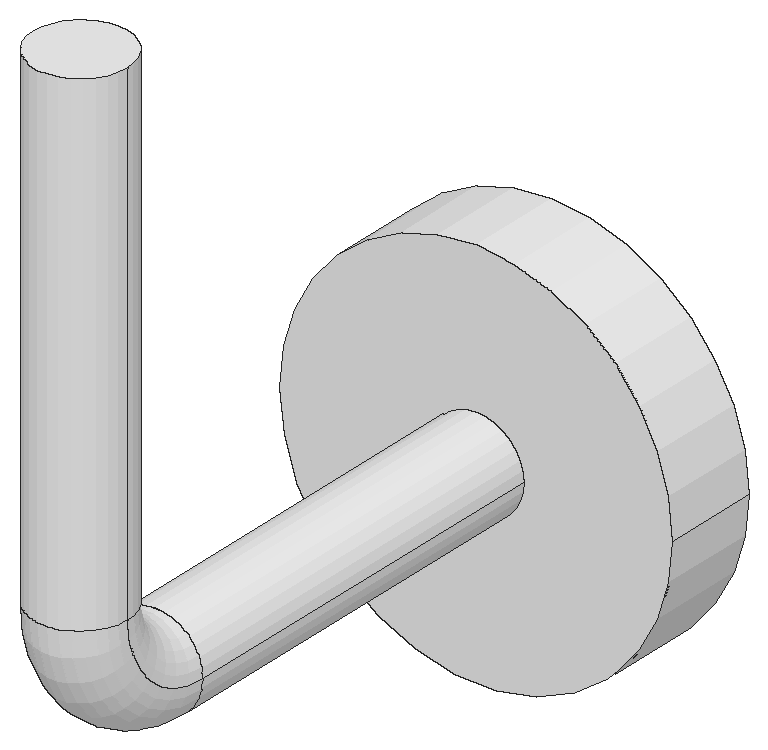
Revit family "M_Suporte - Metal - Circular", category Suportes, Revit 2019
Family settings
  Com base no plano de trabalho = Não
  Sempre na vertical = Sim
  Corte com vazios quando carregada = Não
  Compartilhado = Não
Parameters
  T1 = 12 mm
  Material de suporte = Alumín. 1
  Raio 2 = 6 mm
  Raio 1 = 25 mm
  built-in parameter 1152166 = 75 mm
  Altura [instance] = 75 mm
  Raio de curvatura = 2 * Raio 2  # 12 mm
Reference planes
  plane 1 "Centro (Frente/Trás)": y = 0
  plane 2: z = 0
  plane 3 "Centro (Esquerda/Direita)": x = 0
  plane 4 "Altura": z = -75
  plane 5 "Folga de mão": y = 75
  plane 6: y = 63
  plane 7: z = -63
  plane 8: y = 12
  plane 9: x = -25
  plane 10: x = 25
  plane 11: x = -6
  plane 12: x = 6
Forms (mm)
  Extrusion 1, solid, material "Alumín. 1" <- "Material de suporte"
    sketch origin (0, 0, 0) x (1, 0, 0) y (0, 0, 1)
      loop
        circle (0, -75) r 25
    from -75 to -63
  Sweep 2, solid, material "Alumín. 1" <- "Material de suporte"
    path origin (0, 0, 0) x (0, 1, 0) y (0, 0, 1)
      loop
        line (0, 0) -> (0, -63)
        arc (0, -63) -> (3.515, -71.485) -> (12, -75) r 12
        line (12, -75) -> (63, -75)
    profile origin (0, 0, -31.5) x (1, 0, 0) y (0, 1, 0)
      loop
        circle (0, 0) r 6
Lines and regions (mm)
  Masking region 1, detail levels fine
    outline origin (0, 0, 0) x (1, 0, 0) y (0, 1, 0)
      loop
        line (-25, 75) -> (-25, 63) -> (-6, 63) -> (-6, 0)
        arc (-6, 0) -> (0, -6) -> (6, 0) r 6
        line (6, 0) -> (6, 63) -> (25, 63) -> (25, 75) -> (-25, 75)
  symbolic lines, detail levels fine
    curve 1: line (-25, 75, 0) -> (25, 75, 0)
    curve 2: line (-25, 63, 0) -> (-25, 75, 0)
    curve 3: line (25, 63, 0) -> (-25, 63, 0)
    curve 4: line (25, 75, 0) -> (25, 63, 0)
    curve 5: line (-6, 63, 0) -> (-6, 0, 0)
    curve 6: line (6, 63, 0) -> (6, 0, 0)
    curve 7: arc (-6, 0, 0) -> (0, -6, 0) -> (6, 0, 0) r 6
Dimensions and locks
  "built-in parameter 1152166": plane 2 to plane 4 "Altura"
  "Altura": plane 5 "Folga de mão" to plane 1 "Centro (Frente/Trás)"
  "T1": plane 5 "Folga de mão" to plane 6
  "Raio de curvatura": plane 7 to plane 4 "Altura"
  "Raio de curvatura": plane 8 to plane 1 "Centro (Frente/Trás)"
  equal spacing: plane 9, plane 3 "Centro (Esquerda/Direita)", plane 10
  "Raio 1": plane 9 to plane 3 "Centro (Esquerda/Direita)"
  equal spacing: plane 11, plane 3 "Centro (Esquerda/Direita)", plane 12
  "Raio 2": plane 11 to plane 3 "Centro (Esquerda/Direita)"
  "Raio 1": radius of Extrusion 1 sketch curve
  "Raio de curvatura": radius of Sweep 2 sketch curve
  "Raio 2": radius of Sweep 2 sketch curve
  "Raio 2": radius of curve 7
  "Raio 2": radius of Masking region 1 sketch curve
  aligned and locked: level to plane 2
  aligned and locked: plane 3 "Centro (Esquerda/Direita)" to Extrusion 1 sketch curve
  aligned and locked: plane 4 "Altura" to Extrusion 1 sketch curve
  aligned and locked: Extrusion 1 to plane 5 "Folga de mão"
  aligned and locked: plane 6 to Extrusion 1
  aligned and locked: plane 6 to Sweep 2 sketch curve
  aligned and locked: plane 8 to Sweep 2 sketch curve  (x2)
  aligned and locked: Sweep 2 sketch curve to plane 4 "Altura"
  aligned and locked: plane 2 to Sweep 2 sketch curve
  aligned and locked: Sweep 2 sketch curve to plane 1 "Centro (Frente/Trás)"
  aligned and locked: plane 7 to Sweep 2 sketch curve  (x2)
  aligned and locked: plane 3 "Centro (Esquerda/Direita)" to Sweep 2 sketch curve
  aligned and locked: plane 1 "Centro (Frente/Trás)" to Sweep 2 sketch curve
  aligned and locked: plane 9 to curve 2
  aligned and locked: curve 4 to plane 10
  aligned and locked: plane 5 "Folga de mão" to curve 1
  aligned and locked: plane 11 to curve 5
  aligned and locked: curve 6 to plane 12
  aligned and locked: plane 1 "Centro (Frente/Trás)" to curve 6
  aligned and locked: plane 1 "Centro (Frente/Trás)" to curve 5
  aligned and locked: plane 6 to curve 6
  aligned and locked: plane 6 to curve 5
  aligned and locked: plane 3 "Centro (Esquerda/Direita)" to curve 7
  aligned and locked: plane 1 "Centro (Frente/Trás)" to curve 7
  aligned and locked: Masking region 1 sketch curve to plane 6  (x2)
  aligned and locked: plane 9 to Masking region 1 sketch curve
  aligned and locked: Masking region 1 sketch curve to plane 10
  aligned and locked: plane 5 "Folga de mão" to Masking region 1 sketch curve
  aligned and locked: Masking region 1 sketch curve to plane 12
  aligned and locked: plane 3 "Centro (Esquerda/Direita)" to Masking region 1 sketch curve
  aligned and locked: plane 1 "Centro (Frente/Trás)" to Masking region 1 sketch curve
